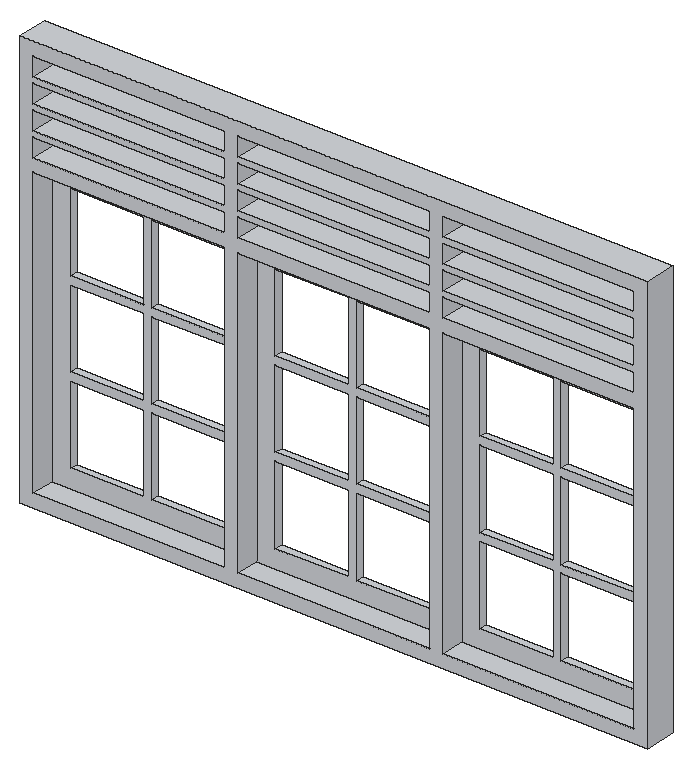
Revit family "WindowTriplePanelBv", category Windows, host Wall, Revit 2022
Family settings
  Host = Wall
  OmniClass Number = 23.30.20.00
  OmniClass Title = Windows
  Always vertical = Yes
  Cut with Voids When Loaded = No
  Shared = No
  Room Calculation Point = No
Parameters
  panelWidth = ((Width - frameThickness) / 3) - frameThickness  # 733.333 mm
  panelHeight = Height - bvHeight - (2 * frameThickness)  # 1100 mm
  panelElevation = Default Sill Height + frameThickness  # 950 mm
  frameWidth = 120 mm
  frameThickness = 50 mm
  bvPlank = 20 mm
  bvHeight = 400 mm
  Height = 1600 mm
  Default Sill Height = 900 mm
  Wall Closure = By host
  Width = 2400 mm
Reference planes
  plane 1 "Center (Front/Back)": y = 0
  plane 2 "Center (Left/Right)": x = 0
  plane 3 "Left": x = -1200
  plane 4 "Right": x = 1200
  plane 5 "Sill": z = 900
  plane 6 "Head": z = 2500
  plane 7 "Exterior": y = 103.095
  plane 8 "Interior": y = -96.905
  plane 9: z = 2100
  plane 10: z = 2050
  plane 11: x = -366.667
  plane 12: x = -416.667
  plane 13: z = 2450
  plane 14: z = 950
  plane 15: x = -1150
  plane 16: x = 1150
  plane 17 "frameOut": y = 60
  plane 18 "frameIn": y = -60
  plane 19: z = 2367.5
  plane 20: z = 2275
  plane 21: z = 2182.5
  plane 22: z = 2470
  plane 23: z = 2460
  plane 24: z = 2080
  plane 25: z = 2090
  plane 26: x = -783.333
  plane 27: x = -1175
  plane 28: x = -391.667
  plane 29: x = 391.667
  plane 30: x = 1175
  plane 31: x = 416.667
  plane 32: x = 366.667
  plane 33: x = 783.333
Forms (mm)
  Extrusion 1, solid
    sketch origin (0, 0, 0) x (1, 0, 0) y (0, 0, 1)
      loop
        line (-1200, 2500) -> (-1200, 900) -> (1200, 900) -> (1200, 2500) -> (-1200, 2500)
      loop
        line (-1150, 2450) -> (-1150, 2377.5) -> (-416.667, 2377.5) -> (-416.667, 2450) -> (-1150, 2450)
      loop
        line (1150, 950) -> (1150, 2050) -> (416.667, 2050) -> (416.667, 950) -> (1150, 950)
      loop
        line (-1150, 2100) -> (-416.667, 2100) -> (-416.667, 2172.5) -> (-1150, 2172.5) -> (-1150, 2100)
      loop
        line (-1150, 2050) -> (-1150, 950) -> (-416.667, 950) -> (-416.667, 2050) -> (-1150, 2050)
      loop
        line (-366.667, 2450) -> (-366.667, 2377.5) -> (366.667, 2377.5) -> (366.667, 2450) -> (-366.667, 2450)
      loop
        line (-366.667, 2100) -> (366.667, 2100) -> (366.667, 2172.5) -> (-366.667, 2172.5) -> (-366.667, 2100)
      loop
        line (-366.667, 2050) -> (-366.667, 950) -> (366.667, 950) -> (366.667, 2050) -> (-366.667, 2050)
      loop
        line (1150, 2450) -> (416.667, 2450) -> (416.667, 2377.5) -> (1150, 2377.5) -> (1150, 2450)
      loop
        line (-1150, 2357.5) -> (-1150, 2285) -> (-416.667, 2285) -> (-416.667, 2357.5) -> (-1150, 2357.5)
      loop
        line (-1150, 2265) -> (-1150, 2192.5) -> (-416.667, 2192.5) -> (-416.667, 2265) -> (-1150, 2265)
      loop
        line (-366.667, 2357.5) -> (-366.667, 2285) -> (366.667, 2285) -> (366.667, 2357.5) -> (-366.667, 2357.5)
      loop
        line (-366.667, 2265) -> (-366.667, 2192.5) -> (366.667, 2192.5) -> (366.667, 2265) -> (-366.667, 2265)
      loop
        line (1150, 2357.5) -> (416.667, 2357.5) -> (416.667, 2285) -> (1150, 2285) -> (1150, 2357.5)
      loop
        line (1150, 2265) -> (416.667, 2265) -> (416.667, 2192.5) -> (1150, 2192.5) -> (1150, 2265)
      loop
        line (1150, 2172.5) -> (416.667, 2172.5) -> (416.667, 2100) -> (1150, 2100) -> (1150, 2172.5)
    from -60 to 60
Lines and regions (mm)
  Opening 1
    outline origin (3500, -96.905, 0) x (1, 0, 0) y (0, 0, 1)
      loop
        line (-2300, 900) -> (-2300, 2500) -> (-4700, 2500) -> (-4700, 900) -> (-2300, 900)
Text (mm)
  text "Exterior" at (-1963.203, 1332.353, 0), in view "Ref. Level"
  text "Interior" at (-1981.466, -818.386, 0), in view "Ref. Level"
  text "Exterior" at (0, 923.751, 2943.296), in view "Right"
  text "Exterior" at (0, 1040.484, 2685.409), in view "Left"
Dimensions and locks
  equal spacing: plane 3 "Left", plane 2 "Center (Left/Right)", plane 4 "Right"
  "Width": plane 3 "Left" to plane 4 "Right"
  "Height": plane 5 "Sill" to plane 6 "Head"
  "Default Sill Height": plane 5 "Sill" to level
  locked: plane 7 "Exterior" to host wall
  locked: plane 8 "Interior" to host wall
  "frameThickness": plane 3 "Left" to plane 15
  "frameThickness": plane 16 to plane 4 "Right"
  plane 9 to plane 5 "Sill" = 1200 mm
  "bvHeight": plane 6 "Head" to plane 9
  "frameThickness": plane 6 "Head" to plane 13
  "frameThickness": plane 9 to plane 10
  "frameThickness": plane 14 to plane 5 "Sill"
  equal spacing: Extrusion 1 sketch curve, plane 19, Extrusion 1 sketch curve
  "bvPlank": Extrusion 1 sketch curve to Extrusion 1 sketch curve  (x3)
  equal spacing: Extrusion 1 sketch curve, plane 20, Extrusion 1 sketch curve
  equal spacing: Extrusion 1 sketch curve, plane 21, Extrusion 1 sketch curve
  equal spacing: plane 9, plane 25, plane 24
  "bvPlank": plane 9 to plane 24
  equal spacing: plane 22, plane 23, plane 13
  "bvPlank": plane 22 to plane 13
  equal spacing: plane 23, plane 19, plane 20, plane 21, plane 25
  equal spacing: plane 12, plane 26, plane 15
  equal spacing: plane 3 "Left", plane 27, plane 15
  equal spacing: plane 12, plane 28, plane 11
  equal spacing: plane 32, plane 29, plane 31
  equal spacing: plane 16, plane 30, plane 4 "Right"
  equal spacing: plane 30, plane 29, plane 28, plane 27
  "frameThickness": plane 12 to plane 11
  "frameThickness": plane 32 to plane 31
  equal spacing: plane 16, plane 33, plane 31
  aligned and locked: plane 4 "Right" to Extrusion 1 sketch curve
  aligned and locked: plane 6 "Head" to Extrusion 1 sketch curve
  aligned and locked: Extrusion 1 sketch curve to plane 3 "Left"
  aligned and locked: Extrusion 1 sketch curve to plane 5 "Sill"
  aligned and locked: plane 14 to Extrusion 1 sketch curve  (x2)
  aligned and locked: Extrusion 1 sketch curve to plane 10  (x2)
  aligned and locked: Extrusion 1 sketch curve to plane 13  (x2)
  aligned and locked: Extrusion 1 sketch curve to plane 9
  aligned and locked: Extrusion 1 to plane 17 "frameOut"
  aligned and locked: Extrusion 1 to plane 18 "frameIn"
  aligned and locked: Extrusion 1 sketch curve to plane 15  (x5)
  aligned and locked: Extrusion 1 sketch curve to plane 16  (x5)
  aligned and locked: plane 12 to Extrusion 1 sketch curve  (x5)
  aligned and locked: Extrusion 1 sketch curve to plane 11  (x5)
  aligned and locked: Extrusion 1 sketch curve to Extrusion 1 sketch curve  (x14)
  aligned and locked: plane 26 to nested 1
  aligned and locked: nested 1 to plane 17 "frameOut"
  aligned and locked: Extrusion 1 sketch curve to plane 32  (x5)
  aligned and locked: Extrusion 1 sketch curve to plane 31  (x5)
  aligned and locked: nested 2 to plane 2 "Center (Left/Right)"
  aligned and locked: plane 33 to nested 3
Automatic sketch dimensions
  Opening 1 sketch curve to plane 3 "Left" = 0 mm
  Opening 1 sketch curve to plane 4 "Right" = 0 mm
  Opening 1 sketch curve to plane 5 "Sill" = 0 mm
  Opening 1 sketch curve to plane 6 "Head" = 0 mm
  Extrusion 1 sketch curve to plane 14 = 0 mm
  Extrusion 1 sketch curve to plane 10 = 0 mm
  Extrusion 1 sketch curve to plane 13 = 0 mm
Nested families
  nested 1: "windowPanel" at (-783.333, 60, 950), Height <- "panelHeight", built-in parameter 1001360 <- "panelElevation", Width <- "panelWidth", type "windowPanel"
    with miniframeWidth 30 mm, frameWidth 70 mm, Width 733.333 mm, Height 1100 mm
  nested 2: "windowPanel" at (0, 60, 950), Height <- "panelHeight", built-in parameter 1001360 <- "panelElevation", Width <- "panelWidth", type "windowPanel"
    with miniframeWidth 30 mm, frameWidth 70 mm, Width 733.333 mm, Height 1100 mm
  nested 3: "windowPanel" at (783.333, 60, 950), Height <- "panelHeight", built-in parameter 1001360 <- "panelElevation", Width <- "panelWidth", type "windowPanel"
    with miniframeWidth 30 mm, frameWidth 70 mm, Width 733.333 mm, Height 1100 mm
Definition of nested family "windowPanel"
  Parameters (values of type "windowPanel")
    miniframeWidth [instance] = 30 mm
    frameWidth [instance] = 70 mm
    frameThickness = 30 mm
    Width [instance] = 700 mm
    Height [instance] = 1100 mm
    Default Elevation = 0 mm
  Reference planes
    plane 1 "Center (Front/Back)": y = 0
    plane 2: z = 0
    plane 3 "Center (Left/Right)": x = 0
    plane 4: z = 550
    plane 5: z = 1100
    plane 6: z = 715
    plane 7: z = 385
    plane 8: z = 730
    plane 9: z = 700
    plane 10: z = 400
    plane 11: z = 370
    plane 12: z = 1045
    plane 13: z = 1060
    plane 14: z = 1030
    plane 15: z = 55
    plane 16: z = 70
    plane 17: z = 40
    plane 18: x = 350
    plane 19: x = -350
    plane 20: x = 280
    plane 21: x = -280
    plane 22: x = -15
    plane 23: x = 15
    plane 24: y = -15
    plane 25: y = -30
  Forms (mm)
    Extrusion 1, solid
      sketch origin (0, 0, 0) x (1, 0, 0) y (0, 0, 1)
        loop
          line (-350, 0) -> (350, 0) -> (350, 1100) -> (-350, 1100) -> (-350, 0)
        loop
          line (-280, 1030) -> (-280, 730) -> (-15, 730) -> (-15, 1030) -> (-280, 1030)
        loop
          line (-280, 70) -> (-15, 70) -> (-15, 370) -> (-280, 370) -> (-280, 70)
        loop
          line (280, 1030) -> (15, 1030) -> (15, 730) -> (280, 730) -> (280, 1030)
        loop
          line (-280, 400) -> (-15, 400) -> (-15, 700) -> (-280, 700) -> (-280, 400)
        loop
          line (15, 70) -> (280, 70) -> (280, 370) -> (15, 370) -> (15, 70)
        loop
          line (280, 700) -> (15, 700) -> (15, 400) -> (280, 400) -> (280, 700)
      from 0 to 30
  Dimensions and locks
    equal spacing: plane 12, plane 6, plane 7, plane 15
    equal spacing: plane 13, plane 12, plane 14
    "miniframeWidth": plane 13 to plane 14
    equal spacing: plane 8, plane 6, plane 9
    "miniframeWidth": plane 8 to plane 9
    equal spacing: plane 10, plane 7, plane 11
    "miniframeWidth": plane 10 to plane 11
    equal spacing: plane 16, plane 15, plane 17
    "miniframeWidth": plane 16 to plane 17
    equal spacing: plane 5, plane 4, plane 2
    "Height": plane 5 to plane 2
    equal spacing: plane 18, plane 3 "Center (Left/Right)", plane 19
    "Width": plane 18 to plane 19
    "frameWidth": plane 5 to plane 14
    "frameWidth": plane 16 to plane 2
    "frameWidth": plane 18 to plane 20
    "frameWidth": plane 21 to plane 19
    equal spacing: plane 23, plane 3 "Center (Left/Right)", plane 22
    "miniframeWidth": plane 23 to plane 22
    equal spacing: plane 25, plane 24, plane 1 "Center (Front/Back)"
    "frameThickness": plane 25 to plane 1 "Center (Front/Back)"
    aligned and locked: level to plane 2
    aligned and locked: Extrusion 1 sketch curve to plane 2
    aligned and locked: Extrusion 1 sketch curve to plane 19
    aligned and locked: Extrusion 1 sketch curve to plane 21  (x3)
    aligned and locked: Extrusion 1 sketch curve to plane 22  (x3)
    aligned and locked: Extrusion 1 sketch curve to plane 16
    aligned and locked: Extrusion 1 sketch curve to plane 20  (x3)
    aligned and locked: Extrusion 1 sketch curve to plane 18
    aligned and locked: Extrusion 1 sketch curve to plane 11  (x2)
    aligned and locked: Extrusion 1 sketch curve to plane 10  (x2)
    aligned and locked: Extrusion 1 sketch curve to plane 9  (x2)
    aligned and locked: Extrusion 1 sketch curve to plane 8  (x2)
    aligned and locked: Extrusion 1 sketch curve to plane 14  (x2)
    aligned and locked: Extrusion 1 sketch curve to plane 5
    aligned and locked: Extrusion 1 sketch curve to plane 23  (x3)
    aligned and locked: Extrusion 1 to plane 1 "Center (Front/Back)"
    aligned and locked: Extrusion 1 to plane 25
  Automatic sketch dimensions
    Extrusion 1 sketch curve to plane 16 = 0 mm
